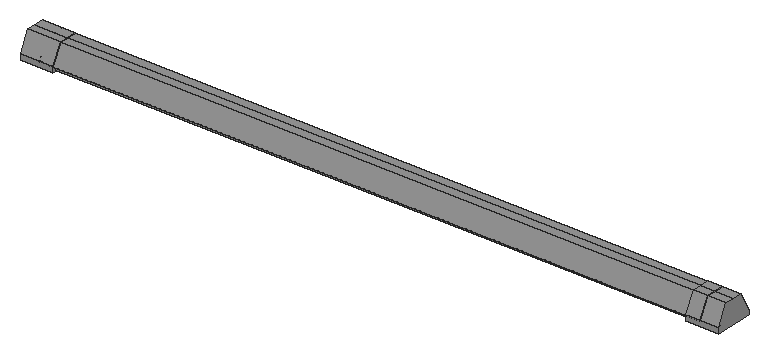
Revit family "STANCA-PLAF_ETANCHE_60W_5500LM_PC_OPALE_IP65_1500MM", category Lighting Fixtures, host Ceiling, Revit 2021
Family settings
  Host = Ceiling
  Round Connector Dimension = Use Diameter
  Part Type = Normal
  OmniClass Number = 23.80.70.11
  OmniClass Title = Luminaries for Internal Lighting
  Always vertical = Yes
  Cut with Voids When Loaded = No
  Light Source = Yes
  Shared = No
  Room Calculation Point = No
Parameters (values of type "Type 1")
  Wattage Comments = "60W"
  Wattage = 37.0266 W
  built-in parameter 1150110 = 1 (stored number, unit not read)
  URL = "https://www.lucera.fr/"
  built-in parameter 1114217 = 1 (stored number, unit not read)
  Tilt Angle = 90.00°
  built-in parameter 1150109 = 1 (stored number, unit not read)
  built-in parameter 1150134 = 12
  built-in parameter 1150113 = 1 (stored number, unit not read)
  SDCM = "<2"
  Puissance nominale = "60W"
  Photometric Web File = "google_eulumdat_converter (2).ies"
  Matériau = "Polycarbonate"
  Manufacturer = "Lucera - Lucera (c) 06/01/2021 16:38:26 +01:00"  # constant formula
  Maintien du flux = "L80B10 (30 000 heures)"
  Lumens = 5500 lm
  built-in parameter 1150115 = 1 (stored number, unit not read)
  built-in parameter 1150105 = 437.68 (stored number, unit not read)
  built-in parameter 1150137 = (empty or 0)
  built-in parameter 1150139 = (empty or 0)
  built-in parameter 1150112 = 1 (stored number, unit not read)
  built-in parameter 1150114 = 1 (stored number, unit not read)
  built-in parameter 1150132 = 2
  built-in parameter 1150102 = (empty or 0)
  built-in parameter 1150138 = (empty or 0)
  built-in parameter 1150107 = 4000 (stored number, unit not read)
  built-in parameter 1150106 = 4.3768 (stored number, unit not read)
  IRC = ">80"
  Emit from Line Length = 609.6 mm
  built-in parameter 1150104 = 13.8 (stored number, unit not read)
  Durée de vie = "30 000 heures"
  Driver = "Driver GS"
  Dimming Lamp Color Temperature Shift = <None>
  Dimensions = "1500x80x50 mm"
  Diffuseur = "Polycarbonate opale"
  Default Elevation = 0 mm
  Color Filter = 16777215
  built-in parameter 1114218 = 1 (stored number, unit not read)
  built-in parameter 1150133 = 10 (stored number, unit not read)
  Angle d'éclairage = "120°"
  Alimentation luminaire = "700mA / 72V dc"
  Alimentation Driver = "AC 176-265V"
Reference planes
  plane 1 "Light Source Axis (F/B)": y = 0
  plane 2: z = 0
  plane 3 "Light Source Axis (L/R)": x = 0
  plane 4 "Ceiling": z = 4000
  plane 5 "Light Source Elevation": z = 3985.905
Forms (mm)
  Extrusion 1, solid, material "Polycarbonate opale"
    sketch origin (0, 0, 4000) x (0, 1, 0) y (-1, 0, 0)
      loop
        line (35, 708.034) -> (-35.743, 708.034) -> (-35.743, -710) -> (35, -710) -> (35, 708.034)
    from -21.098 to -8.195
  Extrusion 2, solid, material "Polycarbonate"
    sketch origin (150, 0, 0) x (0, 1, 0) y (0, 0, 1)
      loop
        line (40, 3975) -> (40, 3986.273) -> (20, 4025) -> (0, 4025) -> (-20, 4025) -> (-40, 3986.273) -> (-40, 3975) -> (40, 3975)
    from 530 to 600
  Extrusion 3, solid, material "Polycarbonate"
    sketch origin (-1280, 0, 0) x (0, 1, 0) y (0, 0, 1)
      loop
        line (40, 3975) -> (40, 3986.273) -> (20, 4025) -> (0, 4025) -> (-20, 4025) -> (-40, 3986.273) -> (-40, 3975) -> (40, 3975)
    from 530 to 600
  Extrusion 4, solid, material "Polycarbonate"
    sketch origin (-570, 0, 0) x (0, 1, 0) y (0, 0, 1)
      loop
        line (40, 3985) -> (20, 4025) -> (0, 4025) -> (-20, 4025) -> (-40, 3986.273) -> (-40, 3985) -> (40, 3985)
    from -138.034 to 1280
Lines and regions (mm)
  reference lines
    curve 1: line (0, 0, 4000) -> (0, 40, 4000)
    curve 2: line (0, 0, 4000) -> (0, -40, 4000)
    curve 3: line (0, -40, 4000) -> (600, -40, 4000)
    curve 4: line (600, -40, 4000) -> (600, 40, 4000)
    curve 5: line (600, 40, 4000) -> (-600, 40, 4000)
    curve 6: line (-600, 40, 4000) -> (-600, -40, 4000)
    curve 7: line (-600, -40, 4000) -> (0, -40, 4000)
    curve 8: line (0, 0, 4000) -> (0, 0, 4025)
    curve 9: line (0, 0, 4000) -> (0, 0, 3975)
    curve 10: line (0, 0, 4000) -> (0, 0, 4025)
    curve 11: line (0, 0, 4000) -> (0, 0, 3975)
    curve 12: line (530, 40, 4000) -> (530, -40, 4000)
    curve 13: line (-530, 40, 4000) -> (-530, -40, 4000)
    curve 14: line (0, 0, 4000) -> (750, 0, 4000)
    curve 15: line (0, 0, 4000) -> (-750, 0, 4000)
Dimensions and locks
  equal spacing: host sketch curve, plane 3 "Light Source Axis (L/R)", host sketch curve
  host sketch curve to plane 1 "Light Source Axis (F/B)" to host sketch curve = 2001.57 mm, 1998.43 mm
  host sketch curve to host sketch curve = 4000 mm  (x2)
  plane 4 "Ceiling" to host ceiling = 30 mm
  aligned and locked: plane 3 "Light Source Axis (L/R)" to imposter light
  aligned and locked: plane 1 "Light Source Axis (F/B)" to imposter light
  aligned and locked: plane 5 "Light Source Elevation" to imposter light
